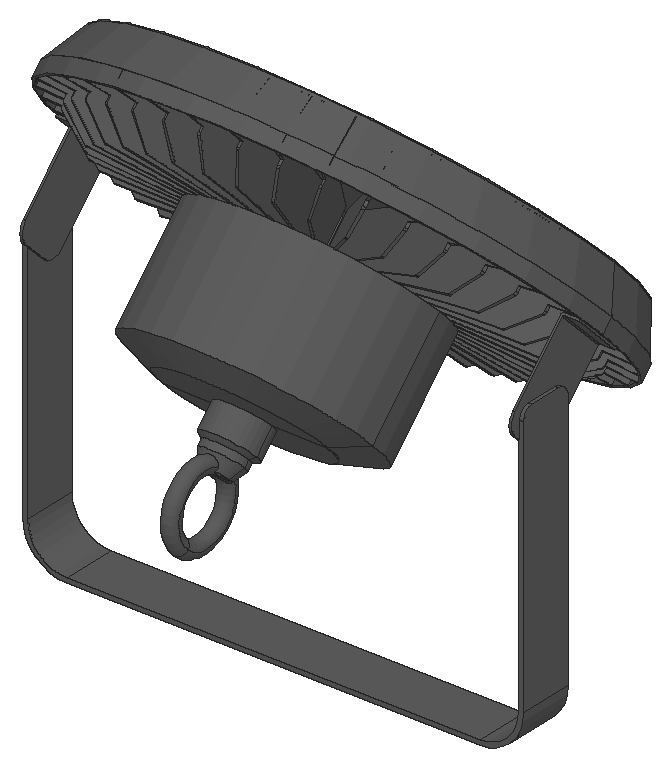
Revit family "0039349+0039355 Feilo Sylvania Lighting Fixture START HIGHBAY 4K 26KLM WIDE with BRACKET", category Lighting Fixtures, host Face, Revit 2017
Family settings
  Host = Face
  Round Connector Dimension = Use Diameter
  Part Type = Normal
  OmniClass Number = 23.80.70.00
  OmniClass Title = Lighting
  Cut with Voids When Loaded = No
  Light Source = No
  Shared = No
  Room Calculation Point = No
Parameters (values of type "0039349+0039355 START HIGHBAY 4K 26KLM WIDE with BRACKET     ")
  Weight = "3.7 kg"
  Wattage Comments = ""
  WarrantyStartDate [instance] = "n/a"
  WarrantyGuarantorParts = "n/a"
  WarrantyDurationUnit = "n/a"
  WarrantyDurationParts = "n/a"
  WarrantyDescription = "n/a"
  Voltage = 230 V
  URL = "http://www.sylvania-lighting.com"
  TypeName = "START HIGHBAY 4K 26KLM WIDE with BRACKET"
  TypeHead_FEILO = Start LED Highbay Head : 0039349+0039355 START HIGHBAY 4K 26KLM WIDE with BRACKET     
  Type Image = <None>
  Type Comments = "n/a"
  TiltAngle_FEILO [instance] = 45.00°
  ThicknessBracketPlate_FEILO = 3 mm
  SizeBracketS_FEILO = no
  SizeBracketM_FEILO = no
  SerialNumber [instance] = "n/a"
  RadiusBracketTop_FEILO = 7 mm
  RadiusBendOut_FEILO = if(SizeBracketS_FEILO, 18 mm, if(SizeBracketM_FEILO, 24 mm, 28 mm))  # 28 mm
  RadiusBendIn_FEILO = RadiusBendOut_FEILO - ThicknessBracketPlate_FEILO  # 25 mm
  Material_3_FEILO = none
  PowerFactor = 0.95
  PowerConsumption = "200 W"
  NominalLength = 339 mm
  NominalHeight = 194 mm
  NominalDepth = 339 mm
  Name = "START HIGHBAY 4K 26KLM WIDE with BRACKET"
  ModelReference = Name  # "START HIGHBAY 4K 26KLM WIDE with BRACKET"
  ModelNumber = "0039349+0039355"
  Model = Name  # "START HIGHBAY 4K 26KLM WIDE with BRACKET"
  Material = "aluminium alloy housing, polycarbonate diffuser"
  ManufacturerName = "Feilo Sylvania"
  Manufacturer = "Feilo Sylvania"
  LuminousEfficacy = "130 lm/W"
  LuminaireType = ""
  LightOutputRatio = "n/a"
  LampsType = Lamp  # "LED"
  LampNominalLuminous = "26000 lm"
  LampMacAdamStep = "n/a"
  LampColourTemperature = "4000 K"
  LampColourRenderingIndex = "80"
  Lamp = "LED"
  Keynote = "16500"
  InstallationDate [instance] = "n/a"
  InputVoltage = "220-240V~"
  InputNominalFrequency = "50/60 Hz"
  IngressProtection = "IP65"
  ImpactProtectionIndex = "IK08"
  IfcExportType = "IfcLightFixtureType"
  IfcExportAs = "IfcLightFixtureType"
  ExpectedLife = 50000
  EndAngle_FEILO [instance] = TiltAngle_FEILO + 180.00°  # 225.00°
  ElectricShockClassification = "Class I"
  DurationUnit = "hours"
  DocumentationLiterature = "http://www.sylvania-lighting.com/product/en-int/products/0039349"
  DimmingControlOptions = "n/a"
  Material_2_FEILO = none
  Description = "START HIGHBAY, includes 1 m cables, black aluminium housing, 26000LM, 200W, 130lm/W, 4000K, Driver current: 5000mA, CR80, 90° beam angle, 1-10V dimmable,  IP65, IK08, 50,000 hrs (L70B50), (LxWxH) 339x339x194mm"
  Default Elevation = 1219.2 mm
  CreatedOn = "2/28/2018"
  CreatedBy = ""
  Cost = 0
  built-in parameter 1114216 [instance] = (empty or 0)
  ClassificationValue = "EF_70_80"
  ClassificationName = "Uniclass2015"
  Material_1_FEILO = Body-Sylvania-StartHighbay-Black
  BracketHeight_FEILO = if(SizeBracketS_FEILO, 199.5 mm, if(SizeBracketM_FEILO, 209.6 mm, 201.3 mm))  # 201.3 mm
  BracketDistanceInner_FEILO = if(SizeBracketS_FEILO, 249.4 mm, if(SizeBracketM_FEILO, 273.6 mm, 313.2 mm))  # 313.2 mm
  BarCode [instance] = "n/a"
  AssetType = "Fixed"
  AssetIdentifier [instance] = "n/a"
  Assembly Code = "D5020200"
  Apparent Load = 200 VA
  Material_4_FEILO = none
Reference planes
  plane 1 "Center (Front/Back)": y = 0
  plane 2: z = 0
  plane 3 "Center (Left/Right)": x = 0
  plane 4: x = -159.6
  plane 5: x = 159.6
  plane 6: z = 201.3
  plane 7: x = -156.6
  plane 8: z = 3
  plane 9: x = 156.6
  plane 10: y = 17.5
  plane 11: y = -17.5
  plane 12: y = -19.5
  plane 13: z = 203.3
  plane 14: y = 19.5
  plane 15: z = 192.3
Forms (mm)
  Extrusion 1, solid, material "Body-Sylvania-StartHighbay-Black" <- "Material_1_FEILO"
    sketch origin (0, 0, 0) x (1, 0, 0) y (0, 0, 1)
      loop
        line (-159.6, 201.3) -> (-159.6, 28)
        arc (-159.6, 28) -> (-151.399, 8.201) -> (-131.6, 0) r 28
        line (-131.6, 0) -> (131.6, 0)
        arc (131.6, 0) -> (151.399, 8.201) -> (159.6, 28) r 28
        line (159.6, 28) -> (159.6, 201.3) -> (156.6, 201.3) -> (156.6, 28)
        arc (156.6, 28) -> (149.278, 10.322) -> (131.6, 3) r 25
        line (131.6, 3) -> (-131.6, 3)
        arc (-131.6, 3) -> (-149.278, 10.322) -> (-156.6, 28) r 25
        line (-156.6, 28) -> (-156.6, 201.3) -> (-159.6, 201.3)
    from -17.5 to 17.5
  Extrusion 2, void
    sketch origin (0, 0, 0) x (0, 1, 0) y (0, 0, 1)
      loop
        arc (10.5, 201.3) -> (15.45, 199.25) -> (17.5, 194.3) r 7
        line (17.5, 194.3) -> (19.5, 194.3) -> (19.5, 203.3) -> (-19.5, 203.3) -> (-19.5, 194.3) -> (-17.5, 194.3)
        arc (-17.5, 194.3) -> (-15.45, 199.25) -> (-10.5, 201.3) r 7
        line (-10.5, 201.3) -> (10.5, 201.3)
    from -159.6 to 159.6
  Revolve 3, solid, not visible
    sketch origin (1223.4, -4572, 192.3) x (0, -1, 0) y (1, 0, 0)
      loop
        line (-4572, -1223.4) -> (-4591.5, -1223.4) -> (-4591.5, -1277.783) -> (-4572, -1277.783) -> (-4572, -1223.4)
      axis (-4572, -1223.4) -> (-4572, -1277.783)
    angle from 45 <- "TiltAngle_FEILO" to 225 <- "EndAngle_FEILO"
Cuts and joins
  Extrusion 2 cuts Extrusion 1
Dimensions and locks
  "BracketHeight_FEILO": plane 6 to plane 2
  equal spacing: plane 11, plane 1 "Center (Front/Back)", plane 10
  locked: plane 11 to plane 10 at 35
  equal spacing: plane 9, plane 3 "Center (Left/Right)", plane 7
  "BracketDistanceInner_FEILO": plane 9 to plane 7
  "ThicknessBracketPlate_FEILO": plane 7 to plane 4
  "ThicknessBracketPlate_FEILO": plane 8 to plane 2
  equal spacing: plane 5, plane 3 "Center (Left/Right)", plane 4
  equal spacing: plane 12, plane 1 "Center (Front/Back)", plane 14
  locked: plane 6 to plane 13 at 2
  locked: plane 12 to plane 11 at 2
  locked: plane 6 to plane 15 at 9
  "RadiusBendOut_FEILO": radius of Extrusion 1 sketch curve  (x2)
  "RadiusBendIn_FEILO": radius of Extrusion 1 sketch curve  (x2)
  "RadiusBracketTop_FEILO": radius of Extrusion 2 sketch curve  (x2)
  aligned and locked: plane 2 to host face
  aligned and locked: level to host face
  aligned and locked: Extrusion 1 sketch curve to plane 4
  aligned and locked: Extrusion 1 sketch curve to level
  aligned and locked: plane 6 to Extrusion 1 sketch curve
  aligned and locked: Extrusion 1 sketch curve to plane 6
  aligned and locked: Extrusion 1 sketch curve to plane 7
  aligned and locked: plane 9 to Extrusion 1 sketch curve
  aligned and locked: plane 8 to Extrusion 1 sketch curve
  aligned and locked: Extrusion 1 to plane 10
  aligned and locked: plane 11 to Extrusion 1
  aligned and locked: Extrusion 1 to Extrusion 2 sketch curve
  aligned and locked: plane 14 to Extrusion 2 sketch curve  (x2)
  aligned and locked: Extrusion 2 sketch curve to plane 12
  aligned and locked: plane 13 to Extrusion 2 sketch curve
  aligned and locked: plane 5 to Extrusion 2
  aligned and locked: Extrusion 2 to plane 4
  aligned and locked: Revolve 3 sketch curve to plane 1 "Center (Front/Back)"
  aligned and locked: Revolve 3 sketch curve to Revolve 3 sketch curve
  aligned and locked: plane 3 "Center (Left/Right)" to Revolve 3 sketch curve
  aligned and locked: Revolve 3 sketch curve to plane 14
  aligned and locked: nested 1 to plane 3 "Center (Left/Right)"
Automatic sketch dimensions
  host sketch curve to host sketch curve = 2438.4 mm  (x2)
  Revolve 3 sketch curve to Revolve 3 sketch curve = 54.383 mm
  Revolve 3 sketch curve to plane 4 = 1396.3 mm
  plane 5 to Revolve 3 sketch curve = 1396.3 mm
  Extrusion 1 sketch curve to Extrusion 1 sketch curve = 0 mm
  Extrusion 2 sketch curve to plane 11 = 0 mm
  Extrusion 2 sketch curve to plane 10 = 0 mm
Nested families
  nested 1: "Start LED Highbay Head" at (0, 0, 192.3) x (-1, 0, 0) z (0, 0.7071, 0.7071), type <- "TypeHead_FEILO", type "0039349+0039355 START HIGHBAY 4K 26KLM WIDE with BRACKET     "
    with built-in parameter 1114216 (empty or 0)
Connectors
  electrical at (0, 0, 0), driven by "Apparent Load", driven by "PowerFactor", driven by "Voltage"
    settings: index 1, voltage 230 V, apparent load 200 VA, apparent load phase1 0 VA, apparent load phase2 0 VA, apparent load phase3 0 VA, power factor 0.95, load classification "Lighting", number of poles 1, system type 30, power factor state 1, is connector primary yes, connector utility no, sub classification motor no, connector description ""
Definition of nested family "Start LED Highbay Head"
  Parameters (values of type "0039351+0039354+0039358 START HIGHBAY 6K 19KLM WIDE with BRACKET and PC LAMPSHADE TRANSPARENT ")
    X_FEILO = if(SizeS_FEILO, 60.3 mm, if(SizeM_FEILO, 70.4 mm, 83.5 mm))  # 70.4 mm
    WidthStraight_FEILO = if(SizeS_FEILO, 3 mm, if(SizeM_FEILO, 4 mm, 4.7 mm))  # 4 mm
    WidthRingChamfer_FEILO = if(SizeS_FEILO, 10.3 mm, if(SizeM_FEILO, 11.2 mm, 12.9 mm))  # 11.2 mm
    WidthCurved_FEILO = if(SizeS_FEILO, 17.4 mm, if(SizeM_FEILO, 16.4 mm, 26.2 mm))  # 16.4 mm
    WidthCurvedRing_FEILO = if(SizeS_FEILO, 3 mm, if(SizeM_FEILO, 4 mm, 4.7 mm))  # 4 mm
    WidthBracket_FEILO = 40 mm
    Wattage Comments = ""
    Wattage = 150 W
    built-in parameter 1150110 = 1 (stored number, unit not read)
    URL = "http://www.feilosylvania.com"
    Type Image = (empty or 0)
    Type Comments = "n/a"
    built-in parameter 1114217 = 1 (stored number, unit not read)
    Tilt Angle = -90.00°
    ThicknessWall_FEILO = 1.5 mm
    ThicknessBracket_FEILO = 1.5 mm
    ThicknessBracketHalf_FEILO = ThicknessBracket_FEILO / 2  # 0.75 mm
    built-in parameter 1150109 = 1 (stored number, unit not read)
    built-in parameter 1150134 = 1
    built-in parameter 1150113 = 1 (stored number, unit not read)
    SizeS_FEILO = no
    SizeM_FEILO = yes
    ShadeThickness_FEILO = 3 mm
    ShadeSizeSM_FEILO = or(SizeS_FEILO, SizeM_FEILO)  # yes
    ShadeRadiusOut_FEILO = 205 mm
    ShadeRadiusIn_FEILO = if(ShadeSizeSM_FEILO, 95 mm, 121 mm)  # 95 mm
    ShadeRadiusBend_FEILO = if(ShadeSizeSM_FEILO, 210 mm, 210 mm)  # 210 mm
    ShadeOn_FEILO = yes
    ShadeHeight_FEILO = if(ShadeSizeSM_FEILO, 120 mm, 151 mm)  # 120 mm
    Rib4_FEILO = if(SizeS_FEILO, 18.1 mm, if(SizeM_FEILO, 13.6 mm, 14.6 mm))  # 13.6 mm
    Rib3_FEILO = if(SizeS_FEILO, 15.3 mm, if(SizeM_FEILO, 17.6 mm, 20.2 mm))  # 17.6 mm
    Rib2_FEILO = if(SizeS_FEILO, 3.6 mm, if(SizeM_FEILO, 3.9 mm, 4.5 mm))  # 3.9 mm
    Rib1_FEILO = if(SizeS_FEILO, 15.1 mm, if(SizeM_FEILO, 16.5 mm, 19 mm))  # 16.5 mm
    RadiusDiffuser_FEILO = if(SizeS_FEILO, 95.2 mm, if(SizeM_FEILO, 105.3 mm, 120 mm))  # 105.3 mm
    RadiusArrayPost_FEILO = DriverRadius_FEILO - 6 mm  # 61.2 mm
    RHRadius3_FEILO = if(SizeS_FEILO, 6.6 mm, if(SizeM_FEILO, 7.4 mm, 8.6 mm))  # 7.4 mm
    RHRadius2_FEILO = if(SizeS_FEILO, 11 mm, if(SizeM_FEILO, 12 mm, 14 mm))  # 12 mm
    RHRadius1_FEILO = if(SizeS_FEILO, 13.6 mm, if(SizeM_FEILO, 14.9 mm, 17.7 mm))  # 14.9 mm
    RHHeight4_FEILO = if(SizeS_FEILO, 7.3 mm, if(SizeM_FEILO, 8 mm, 9.2 mm))  # 8 mm
    RHHeight3_FEILO = if(SizeS_FEILO, 3.6 mm, if(SizeM_FEILO, 3.7 mm, 4.6 mm))  # 3.7 mm
    RHHeight2_FEILO = if(SizeS_FEILO, 2 mm, if(SizeM_FEILO, 2.2 mm, 2.6 mm))  # 2.2 mm
    RHHeight1_FEILO = if(SizeS_FEILO, 11.8 mm, if(SizeM_FEILO, 15.3 mm, 17.4 mm))  # 15.3 mm
    Photometric Web File = "0039351+0039358.ies"
    Material_5_FEILO = none
    Material_3_FEILO = none
    Model = "START HIGHBAY 6K 19KLM WIDE with BRACKET and PC LAMPSHADE TRANSPARENT"
    Manufacturer = "Feilo Sylvania"
    built-in parameter 1150105 = 10854.2 (stored number, unit not read)
    Lumens = 19500 lm
    built-in parameter 1150115 = 1 (stored number, unit not read)
    built-in parameter 1150137 = (empty or 0)
    built-in parameter 1150139 = (empty or 0)
    built-in parameter 1150112 = 1 (stored number, unit not read)
    built-in parameter 1150114 = 1 (stored number, unit not read)
    Lamp = "LED"
    Keynote = "16500"
    built-in parameter 1150132 = (empty or 0)
    built-in parameter 1150102 = (empty or 0)
    built-in parameter 1150107 = 6500 (stored number, unit not read)
    built-in parameter 1150138 = (empty or 0)
    built-in parameter 1150106 = 108.54 (stored number, unit not read)
    HeightRing_FEILO = if(SizeS_FEILO, 19.8 mm, if(SizeM_FEILO, 32 mm, 36.8 mm))  # 32 mm
    HeightRingChamfer_FEILO = if(SizeS_FEILO, 11.7 mm, if(SizeM_FEILO, 23.2 mm, 26.6 mm))  # 23.2 mm
    EyeThickness_FEILO = if(SizeS_FEILO, 8.4 mm, if(SizeM_FEILO, 9.2 mm, 10.5 mm))  # 9.2 mm
    EyeThicknessHalf_FEILO = EyeThickness_FEILO / 2  # 4.6 mm
    EyeInner_FEILO = if(SizeS_FEILO, 13.8 mm, if(SizeM_FEILO, 15.1 mm, 17.3 mm))  # 15.1 mm
    Emit from Circle Diameter = RadiusDiffuser_FEILO * 2  # 210.6 mm
    Emit Shape Visible in Rendering = no
    built-in parameter 1150104 = 12.077 (stored number, unit not read)
    DriverVerticalStraight_FEILO = if(SizeS_FEILO, 46.5 mm, if(SizeM_FEILO, 49.7 mm, 57 mm))  # 49.7 mm
    DriverVerticalChamfer_FEILO = if(SizeS_FEILO, 7.5 mm, if(SizeM_FEILO, 8.2 mm, 9.5 mm))  # 8.2 mm
    DriverRadius_FEILO = if(SizeS_FEILO, 61.4 mm, if(SizeM_FEILO, 67.2 mm, 76.4 mm))  # 67.2 mm
    DriverRadiusTop_FEILO = if(SizeS_FEILO, 42 mm, if(SizeM_FEILO, 45.3 mm, 52.4 mm))  # 45.3 mm
    DriverBottom_FEILO = if(SizeS_FEILO, 56 mm, if(SizeM_FEILO, 64.5 mm, 74 mm))  # 64.5 mm
    Material_2_FEILO = none
    Radius_FEILO = if(SizeS_FEILO, 135 mm, if(SizeM_FEILO, 148 mm, 169.5 mm))  # 148 mm
    Dimming Lamp Color Temperature Shift = (empty or 0)
    DiameterWire_FEILO = 3 mm
    DiameterWireSupport_FEILO = 10 mm
    Description = "START HIGHBAY, includes 1 m cables, black aluminium housing, 19500LM, 150W, 130lm/W, 6500K, Driver current: 2140mA, CR80, 60° beam angle, 1-10V dimmable,  IP65, IK08, 50,000 hrs (L70B50), (LxWxH) 296x296x177mm"
    Default Elevation = 1219.2 mm
    Cost = 0
    Color Filter = 16777215
    built-in parameter 1114216 [instance] = (empty or 0)
    Material_1_FEILO = none
    built-in parameter 1114218 = 1 (stored number, unit not read)
    built-in parameter 1150133 = 10 (stored number, unit not read)
    Assembly Code = "D5020200"
    Apparent Load = 150 VA
    Material_4_FEILO = none
  Types (36, lengths in mm): name | X_FEILO | WidthStraight_FEILO | WidthRingChamfer_FEILO | WidthCurved_FEILO | WidthCurvedRing_FEILO | Wattage | built-in parameter 1150134 | SizeS_FEILO | SizeM_FEILO | ShadeSizeSM_FEILO | ShadeRadiusIn_FEILO | ShadeOn_FEILO | ShadeHeight_FEILO | Rib4_FEILO | Rib3_FEILO | Rib2_FEILO | Rib1_FEILO | RadiusDiffuser_FEILO | RadiusArrayPost_FEILO | RHRadius3_FEILO | RHRadius2_FEILO | RHRadius1_FEILO | RHHeight4_FEILO | RHHeight3_FEILO | RHHeight2_FEILO | RHHeight1_FEILO | Photometric Web File | Model | built-in parameter 1150105 | Lumens | built-in parameter 1150107 | built-in parameter 1150106 | HeightRing_FEILO | HeightRingChamfer_FEILO | EyeThickness_FEILO | EyeThicknessHalf_FEILO | EyeInner_FEILO | Emit from Circle Diameter | DriverVerticalStraight_FEILO | DriverVerticalChamfer_FEILO | DriverRadius_FEILO | DriverRadiusTop_FEILO | DriverBottom_FEILO | Radius_FEILO | Description | Apparent Load
    0039352+0039355+0039361 START HIGHBAY 6K 26KLM WIDE with BRACKET and PC LAMPSHADE TRANSPARENT | 83.5 | 4.7 | 12.9 | 26.2 | 4.7 | 200 W | 1 | no | no | no | 121 | yes | 151 | 14.6 | 20.2 | 4.5 | 19 | 120 | 70.4 | 8.6 | 14 | 17.7 | 9.2 | 4.6 | 2.6 | 17.4 | "0039352+0039361.ies" | "START HIGHBAY 6K 26KLM WIDE with BRACKET and PC LAMPSHADE TRANSPARENT" | 17911 (stored number, unit not read) | 26000 lm | 6500 (stored number, unit not read) | 179.11 (stored number, unit not read) | 36.8 | 26.6 | 10.5 | 5.25 | 17.3 | 240 | 57 | 9.5 | 76.4 | 52.4 | 74 | 169.5 | "START HIGHBAY, includes 1 m cables, black aluminium housing, 26000LM, 200W, 130lm/W, 6500K, Driver current: 5000mA, CR80, 60° beam angle, 1-10V dimmable,  IP65, IK08, 50,000 hrs (L70B50), (LxWxH) 339x339x194mm" | 200 VA
    0039352+0039355+0039360 START HIGHBAY 6K 26KLM WIDE with BRACKET and ALU SHADE BLACK COLOR | 83.5 | 4.7 | 12.9 | 26.2 | 4.7 | 200 W | 1 | no | no | no | 121 | yes | 151 | 14.6 | 20.2 | 4.5 | 19 | 120 | 70.4 | 8.6 | 14 | 17.7 | 9.2 | 4.6 | 2.6 | 17.4 | "0039352+0039360.ies" | "START HIGHBAY 6K 26KLM WIDE with BRACKET and ALU SHADE BLACK COLOR" | 14870 (stored number, unit not read) | 26000 lm | 6500 (stored number, unit not read) | 148.7 (stored number, unit not read) | 36.8 | 26.6 | 10.5 | 5.25 | 17.3 | 240 | 57 | 9.5 | 76.4 | 52.4 | 74 | 169.5 | "START HIGHBAY, includes 1 m cables, black aluminium housing, 26000LM, 200W, 130lm/W, 6500K, Driver current: 5000mA, CR80, 60° beam angle, 1-10V dimmable,  IP65, IK08, 50,000 hrs (L70B50), (LxWxH) 339x339x194mm" | 200 VA
    0039352+0039355+0039359 START HIGHBAY 6K 26KLM WIDE with BRACKET and ALU SHADE ALU COLOR | 83.5 | 4.7 | 12.9 | 26.2 | 4.7 | 200 W | 1 | no | no | no | 121 | yes | 151 | 14.6 | 20.2 | 4.5 | 19 | 120 | 70.4 | 8.6 | 14 | 17.7 | 9.2 | 4.6 | 2.6 | 17.4 | "0039352+0039359.ies" | "START HIGHBAY 6K 26KLM WIDE with BRACKET and ALU SHADE ALU COLOR" | 14870 (stored number, unit not read) | 26000 lm | 6500 (stored number, unit not read) | 148.7 (stored number, unit not read) | 36.8 | 26.6 | 10.5 | 5.25 | 17.3 | 240 | 57 | 9.5 | 76.4 | 52.4 | 74 | 169.5 | "START HIGHBAY, includes 1 m cables, black aluminium housing, 26000LM, 200W, 130lm/W, 6500K, Driver current: 5000mA, CR80, 60° beam angle, 1-10V dimmable,  IP65, IK08, 50,000 hrs (L70B50), (LxWxH) 339x339x194mm" | 200 VA
    0039352+0039355 START HIGHBAY 6K 26KLM WIDE with BRACKET | 83.5 | 4.7 | 12.9 | 26.2 | 4.7 | 200 W | 1 | no | no | no | 121 | no | 151 | 14.6 | 20.2 | 4.5 | 19 | 120 | 70.4 | 8.6 | 14 | 17.7 | 9.2 | 4.6 | 2.6 | 17.4 | "0039352.ies" | "START HIGHBAY 6K 26KLM WIDE with BRACKET" | 13836.2 (stored number, unit not read) | 26000 lm | 6500 (stored number, unit not read) | 138.36 (stored number, unit not read) | 36.8 | 26.6 | 10.5 | 5.25 | 17.3 | 240 | 57 | 9.5 | 76.4 | 52.4 | 74 | 169.5 | "START HIGHBAY, includes 1 m cables, black aluminium housing, 26000LM, 200W, 130lm/W, 6500K, Driver current: 5000mA, CR80, 60° beam angle, 1-10V dimmable,  IP65, IK08, 50,000 hrs (L70B50), (LxWxH) 339x339x194mm" | 200 VA
    0039351+0039354+0039358 START HIGHBAY 6K 19KLM WIDE with BRACKET and PC LAMPSHADE TRANSPARENT | 70.4 | 4 | 11.2 | 16.4 | 4 | 150 W | 1 | no | yes | yes | 95 | yes | 120 | 13.6 | 17.6 | 3.9 | 16.5 | 105.3 | 61.2 | 7.4 | 12 | 14.9 | 8 | 3.7 | 2.2 | 15.3 | "0039351+0039358.ies" | "START HIGHBAY 6K 19KLM WIDE with BRACKET and PC LAMPSHADE TRANSPARENT" | 10854.2 (stored number, unit not read) | 19500 lm | 6500 (stored number, unit not read) | 108.54 (stored number, unit not read) | 32 | 23.2 | 9.2 | 4.6 | 15.1 | 210.6 | 49.7 | 8.2 | 67.2 | 45.3 | 64.5 | 148 | "START HIGHBAY, includes 1 m cables, black aluminium housing, 19500LM, 150W, 130lm/W, 6500K, Driver current: 2140mA, CR80, 60° beam angle, 1-10V dimmable,  IP65, IK08, 50,000 hrs (L70B50), (LxWxH) 296x296x177mm" | 150 VA
    0039351+0039354+0039357 START HIGHBAY 6K 19KLM WIDE with BRACKET and ALU SHADE BLACK COLOR | 70.4 | 4 | 11.2 | 16.4 | 4 | 150 W | 1 | no | yes | yes | 95 | yes | 120 | 13.6 | 17.6 | 3.9 | 16.5 | 105.3 | 61.2 | 7.4 | 12 | 14.9 | 8 | 3.7 | 2.2 | 15.3 | "0039351+0039357.ies" | "START HIGHBAY 6K 19KLM WIDE with BRACKET and ALU SHADE BLACK COLOR" | 11152.5 (stored number, unit not read) | 19500 lm | 6500 (stored number, unit not read) | 111.52 (stored number, unit not read) | 32 | 23.2 | 9.2 | 4.6 | 15.1 | 210.6 | 49.7 | 8.2 | 67.2 | 45.3 | 64.5 | 148 | "START HIGHBAY, includes 1 m cables, black aluminium housing, 19500LM, 150W, 130lm/W, 6500K, Driver current: 2140mA, CR80, 60° beam angle, 1-10V dimmable,  IP65, IK08, 50,000 hrs (L70B50), (LxWxH) 296x296x177mm" | 150 VA
    0039351+0039354+0039356 START HIGHBAY 6K 19KLM WIDE with BRACKET and ALU SHADE ALU COLOR | 70.4 | 4 | 11.2 | 16.4 | 4 | 150 W | 1 | no | yes | yes | 95 | yes | 120 | 13.6 | 17.6 | 3.9 | 16.5 | 105.3 | 61.2 | 7.4 | 12 | 14.9 | 8 | 3.7 | 2.2 | 15.3 | "0039351+0039356.ies" | "START HIGHBAY 6K 19KLM WIDE with BRACKET and ALU SHADE ALU COLOR" | 11152.5 (stored number, unit not read) | 19500 lm | 6500 (stored number, unit not read) | 111.52 (stored number, unit not read) | 32 | 23.2 | 9.2 | 4.6 | 15.1 | 210.6 | 49.7 | 8.2 | 67.2 | 45.3 | 64.5 | 148 | "START HIGHBAY, includes 1 m cables, black aluminium housing, 19500LM, 150W, 130lm/W, 6500K, Driver current: 2140mA, CR80, 60° beam angle, 1-10V dimmable,  IP65, IK08, 50,000 hrs (L70B50), (LxWxH) 296x296x177mm" | 150 VA
    0039351+0039354 START HIGHBAY 6K 19KLM WIDE with BRACKET | 70.4 | 4 | 11.2 | 16.4 | 4 | 150 W | 1 | no | yes | yes | 95 | no | 120 | 13.6 | 17.6 | 3.9 | 16.5 | 105.3 | 61.2 | 7.4 | 12 | 14.9 | 8 | 3.7 | 2.2 | 15.3 | "0039351.ies" | "START HIGHBAY 6K 19KLM WIDE with BRACKET" | 10377.1 (stored number, unit not read) | 19500 lm | 6500 (stored number, unit not read) | 103.77 (stored number, unit not read) | 32 | 23.2 | 9.2 | 4.6 | 15.1 | 210.6 | 49.7 | 8.2 | 67.2 | 45.3 | 64.5 | 148 | "START HIGHBAY, includes 1 m cables, black aluminium housing, 19500LM, 150W, 130lm/W, 6500K, Driver current: 2140mA, CR80, 60° beam angle, 1-10V dimmable,  IP65, IK08, 50,000 hrs (L70B50), (LxWxH) 296x296x177mm" | 150 VA
    0039350+0039353+0039358 START HIGHBAY 6K 13KLM WIDE with BRACKET and PC LAMPSHADE TRANSPARENT | 60.3 | 3 | 10.3 | 17.4 | 3 | 100 W | 1 | yes | no | yes | 95 | yes | 120 | 18.1 | 15.3 | 3.6 | 15.1 | 95.2 | 55.4 | 6.6 | 11 | 13.6 | 7.3 | 3.6 | 2 | 11.8 | "0039350+0039358.ies" | "START HIGHBAY 6K 13KLM WIDE with BRACKET and PC LAMPSHADE TRANSPARENT" | 7236.1 (stored number, unit not read) | 13000 lm | 6500 (stored number, unit not read) | 72.361 (stored number, unit not read) | 19.8 | 11.7 | 8.4 | 4.2 | 13.8 | 190.4 | 46.5 | 7.5 | 61.4 | 42 | 56 | 135 | "START HIGHBAY, includes 1 m cables, black aluminium housing, 13000LM, 100W, 130lm/W, 6500K, Driver current: 2140mA, CR80, 60° beam angle, 1-10V dimmable,  IP65, IK08, 50,000 hrs (L70B50), (LxWxH) 270x270x170mm" | 100 VA
    0039350+0039353+0039357 START HIGHBAY 6K 13KLM WIDE with BRACKET and ALU SHADE BLACK COLOR | 60.3 | 3 | 10.3 | 17.4 | 3 | 100 W | 1 | yes | no | yes | 95 | yes | 120 | 18.1 | 15.3 | 3.6 | 15.1 | 95.2 | 55.4 | 6.6 | 11 | 13.6 | 7.3 | 3.6 | 2 | 11.8 | "0039350+0039357.ies" | "START HIGHBAY 6K 13KLM WIDE with BRACKET and ALU SHADE BLACK COLOR" | 7435 (stored number, unit not read) | 13000 lm | 6500 (stored number, unit not read) | 74.35 (stored number, unit not read) | 19.8 | 11.7 | 8.4 | 4.2 | 13.8 | 190.4 | 46.5 | 7.5 | 61.4 | 42 | 56 | 135 | "START HIGHBAY, includes 1 m cables, black aluminium housing, 13000LM, 100W, 130lm/W, 6500K, Driver current: 2140mA, CR80, 60° beam angle, 1-10V dimmable,  IP65, IK08, 50,000 hrs (L70B50), (LxWxH) 270x270x170mm" | 100 VA
    0039350+0039353+0039356 START HIGHBAY 6K 13KLM WIDE with BRACKET and ALU SHADE ALU COLOR | 60.3 | 3 | 10.3 | 17.4 | 3 | 100 W | 1 | yes | no | yes | 95 | yes | 120 | 18.1 | 15.3 | 3.6 | 15.1 | 95.2 | 55.4 | 6.6 | 11 | 13.6 | 7.3 | 3.6 | 2 | 11.8 | "0039350+0039356.ies" | "START HIGHBAY 6K 13KLM WIDE with BRACKET and ALU SHADE ALU COLOR" | 7435 (stored number, unit not read) | 13000 lm | 6500 (stored number, unit not read) | 74.35 (stored number, unit not read) | 19.8 | 11.7 | 8.4 | 4.2 | 13.8 | 190.4 | 46.5 | 7.5 | 61.4 | 42 | 56 | 135 | "START HIGHBAY, includes 1 m cables, black aluminium housing, 13000LM, 100W, 130lm/W, 6500K, Driver current: 2140mA, CR80, 60° beam angle, 1-10V dimmable,  IP65, IK08, 50,000 hrs (L70B50), (LxWxH) 270x270x170mm" | 100 VA
    0039350+0039353 START HIGHBAY 6K 13KLM WIDE with BRACKET | 60.3 | 3 | 10.3 | 17.4 | 3 | 100 W | 1 | yes | no | yes | 95 | no | 120 | 18.1 | 15.3 | 3.6 | 15.1 | 95.2 | 55.4 | 6.6 | 11 | 13.6 | 7.3 | 3.6 | 2 | 11.8 | "0039350.ies" | "START HIGHBAY 6K 13KLM WIDE with BRACKET" | 6918.1 (stored number, unit not read) | 13000 lm | 6500 (stored number, unit not read) | 69.181 (stored number, unit not read) | 19.8 | 11.7 | 8.4 | 4.2 | 13.8 | 190.4 | 46.5 | 7.5 | 61.4 | 42 | 56 | 135 | "START HIGHBAY, includes 1 m cables, black aluminium housing, 13000LM, 100W, 130lm/W, 6500K, Driver current: 2140mA, CR80, 60° beam angle, 1-10V dimmable,  IP65, IK08, 50,000 hrs (L70B50), (LxWxH) 270x270x170mm" | 100 VA
    0039349+0039355+0039361 START HIGHBAY 4K 26KLM WIDE with BRACKET and PC LAMPSHADE TRANSPARENT FOR | 83.5 | 4.7 | 12.9 | 26.2 | 4.7 | 200 W | 12 | no | no | no | 121 | yes | 151 | 14.6 | 20.2 | 4.5 | 19 | 120 | 70.4 | 8.6 | 14 | 17.7 | 9.2 | 4.6 | 2.6 | 17.4 | "0039349+0039361.ies" | "START HIGHBAY 4K 26KLM WIDE with BRACKET and PC LAMPSHADE TRANSPARENT FOR" | 17911 (stored number, unit not read) | 26000 lm | 4000 (stored number, unit not read) | 179.11 (stored number, unit not read) | 36.8 | 26.6 | 10.5 | 5.25 | 17.3 | 240 | 57 | 9.5 | 76.4 | 52.4 | 74 | 169.5 | "START HIGHBAY, includes 1 m cables, black aluminium housing, 26000LM, 200W, 130lm/W, 4000K, Driver current: 5000mA, CR80, 90° beam angle, 1-10V dimmable,  IP65, IK08, 50,000 hrs (L70B50), (LxWxH) 339x339x194mm" | 200 VA
    0039349+0039355+0039360 START HIGHBAY 4K 26KLM WIDE with BRACKET and ALU SHADE BLACK COLOR | 83.5 | 4.7 | 12.9 | 26.2 | 4.7 | 200 W | 12 | no | no | no | 121 | yes | 151 | 14.6 | 20.2 | 4.5 | 19 | 120 | 70.4 | 8.6 | 14 | 17.7 | 9.2 | 4.6 | 2.6 | 17.4 | "0039349+0039360.ies" | "START HIGHBAY 4K 26KLM WIDE with BRACKET and ALU SHADE BLACK COLOR" | 14870 (stored number, unit not read) | 26000 lm | 4000 (stored number, unit not read) | 148.7 (stored number, unit not read) | 36.8 | 26.6 | 10.5 | 5.25 | 17.3 | 240 | 57 | 9.5 | 76.4 | 52.4 | 74 | 169.5 | "START HIGHBAY, includes 1 m cables, black aluminium housing, 26000LM, 200W, 130lm/W, 4000K, Driver current: 5000mA, CR80, 90° beam angle, 1-10V dimmable,  IP65, IK08, 50,000 hrs (L70B50), (LxWxH) 339x339x194mm" | 200 VA
    0039349+0039355+0039359 START HIGHBAY 4K 26KLM WIDE with BRACKET and ALU SHADE ALU COLOR | 83.5 | 4.7 | 12.9 | 26.2 | 4.7 | 200 W | 12 | no | no | no | 121 | yes | 151 | 14.6 | 20.2 | 4.5 | 19 | 120 | 70.4 | 8.6 | 14 | 17.7 | 9.2 | 4.6 | 2.6 | 17.4 | "0039349+0039359.ies" | "START HIGHBAY 4K 26KLM WIDE with BRACKET and ALU SHADE ALU COLOR" | 14870 (stored number, unit not read) | 26000 lm | 4000 (stored number, unit not read) | 148.7 (stored number, unit not read) | 36.8 | 26.6 | 10.5 | 5.25 | 17.3 | 240 | 57 | 9.5 | 76.4 | 52.4 | 74 | 169.5 | "START HIGHBAY, includes 1 m cables, black aluminium housing, 26000LM, 200W, 130lm/W, 4000K, Driver current: 5000mA, CR80, 90° beam angle, 1-10V dimmable,  IP65, IK08, 50,000 hrs (L70B50), (LxWxH) 339x339x194mm" | 200 VA
    0039349+0039355 START HIGHBAY 4K 26KLM WIDE with BRACKET | 83.5 | 4.7 | 12.9 | 26.2 | 4.7 | 200 W | 12 | no | no | no | 121 | no | 151 | 14.6 | 20.2 | 4.5 | 19 | 120 | 70.4 | 8.6 | 14 | 17.7 | 9.2 | 4.6 | 2.6 | 17.4 | "0039349.ies" | "START HIGHBAY 4K 26KLM WIDE with BRACKET" | 13836.2 (stored number, unit not read) | 26000 lm | 4000 (stored number, unit not read) | 138.36 (stored number, unit not read) | 36.8 | 26.6 | 10.5 | 5.25 | 17.3 | 240 | 57 | 9.5 | 76.4 | 52.4 | 74 | 169.5 | "START HIGHBAY, includes 1 m cables, black aluminium housing, 26000LM, 200W, 130lm/W, 4000K, Driver current: 5000mA, CR80, 90° beam angle, 1-10V dimmable,  IP65, IK08, 50,000 hrs (L70B50), (LxWxH) 339x339x194mm" | 200 VA
    0039348+0039354+0039358 START HIGHBAY 4K 19KLM WIDE with BRACKET and PC LAMPSHADE TRANSPARENT | 70.4 | 4 | 11.2 | 16.4 | 4 | 150 W | 12 | no | yes | yes | 95 | yes | 120 | 13.6 | 17.6 | 3.9 | 16.5 | 105.3 | 61.2 | 7.4 | 12 | 14.9 | 8 | 3.7 | 2.2 | 15.3 | "0039348+0039358.ies" | "START HIGHBAY 4K 19KLM WIDE with BRACKET and PC LAMPSHADE TRANSPARENT" | 10854.2 (stored number, unit not read) | 19500 lm | 4000 (stored number, unit not read) | 108.54 (stored number, unit not read) | 32 | 23.2 | 9.2 | 4.6 | 15.1 | 210.6 | 49.7 | 8.2 | 67.2 | 45.3 | 64.5 | 148 | "START HIGHBAY, includes 1 m cables, black aluminium housing, 19500LM, 150W, 130lm/W, 4000K, Driver current: 3210mA, CR80, 90° beam angle, 1-10V dimmable,  IP65, IK08, 50,000 hrs (L70B50), (LxWxH) 296x296x177mm" | 150 VA
    0039348+0039354+0039357 START HIGHBAY 4K 19KLM WIDE with BRACKET and ALU SHADE BLACK COLOR | 70.4 | 4 | 11.2 | 16.4 | 4 | 150 W | 12 | no | yes | yes | 95 | yes | 120 | 13.6 | 17.6 | 3.9 | 16.5 | 105.3 | 61.2 | 7.4 | 12 | 14.9 | 8 | 3.7 | 2.2 | 15.3 | "0039348+0039357.ies" | "START HIGHBAY 4K 19KLM WIDE with BRACKET and ALU SHADE BLACK COLOR" | 11152.5 (stored number, unit not read) | 19500 lm | 4000 (stored number, unit not read) | 111.52 (stored number, unit not read) | 32 | 23.2 | 9.2 | 4.6 | 15.1 | 210.6 | 49.7 | 8.2 | 67.2 | 45.3 | 64.5 | 148 | "START HIGHBAY, includes 1 m cables, black aluminium housing, 19500LM, 150W, 130lm/W, 4000K, Driver current: 3210mA, CR80, 90° beam angle, 1-10V dimmable,  IP65, IK08, 50,000 hrs (L70B50), (LxWxH) 296x296x177mm" | 150 VA
    0039348+0039354+0039356 START HIGHBAY 4K 19KLM WIDE with BRACKET and ALU SHADE ALU COLOR | 70.4 | 4 | 11.2 | 16.4 | 4 | 150 W | 12 | no | yes | yes | 95 | yes | 120 | 13.6 | 17.6 | 3.9 | 16.5 | 105.3 | 61.2 | 7.4 | 12 | 14.9 | 8 | 3.7 | 2.2 | 15.3 | "0039348+0039356.ies" | "START HIGHBAY 4K 19KLM WIDE with BRACKET and ALU SHADE ALU COLOR" | 11152.5 (stored number, unit not read) | 19500 lm | 4000 (stored number, unit not read) | 111.52 (stored number, unit not read) | 32 | 23.2 | 9.2 | 4.6 | 15.1 | 210.6 | 49.7 | 8.2 | 67.2 | 45.3 | 64.5 | 148 | "START HIGHBAY, includes 1 m cables, black aluminium housing, 19500LM, 150W, 130lm/W, 4000K, Driver current: 3210mA, CR80, 90° beam angle, 1-10V dimmable,  IP65, IK08, 50,000 hrs (L70B50), (LxWxH) 296x296x177mm" | 150 VA
    0039348+0039354 START HIGHBAY 4K 19KLM WIDE with BRACKET | 70.4 | 4 | 11.2 | 16.4 | 4 | 150 W | 12 | no | yes | yes | 95 | no | 120 | 13.6 | 17.6 | 3.9 | 16.5 | 105.3 | 61.2 | 7.4 | 12 | 14.9 | 8 | 3.7 | 2.2 | 15.3 | "0039348.ies" | "START HIGHBAY 4K 19KLM WIDE with BRACKET" | 10377.1 (stored number, unit not read) | 19500 lm | 4000 (stored number, unit not read) | 103.77 (stored number, unit not read) | 32 | 23.2 | 9.2 | 4.6 | 15.1 | 210.6 | 49.7 | 8.2 | 67.2 | 45.3 | 64.5 | 148 | "START HIGHBAY, includes 1 m cables, black aluminium housing, 19500LM, 150W, 130lm/W, 4000K, Driver current: 3210mA, CR80, 90° beam angle, 1-10V dimmable,  IP65, IK08, 50,000 hrs (L70B50), (LxWxH) 296x296x177mm" | 150 VA
    0039347+0039353+0039358 START HIGHBAY 4K 13KLM WIDE with BRACKET and PC LAMPSHADE TRANSPARENT | 60.3 | 3 | 10.3 | 17.4 | 3 | 100 W | 12 | yes | no | yes | 95 | yes | 120 | 18.1 | 15.3 | 3.6 | 15.1 | 95.2 | 55.4 | 6.6 | 11 | 13.6 | 7.3 | 3.6 | 2 | 11.8 | "0039347+0039358.ies" | "START HIGHBAY 4K 13KLM WIDE with BRACKET and PC LAMPSHADE TRANSPARENT" | 7236.1 (stored number, unit not read) | 13000 lm | 4000 (stored number, unit not read) | 72.361 (stored number, unit not read) | 19.8 | 11.7 | 8.4 | 4.2 | 13.8 | 190.4 | 46.5 | 7.5 | 61.4 | 42 | 56 | 135 | "START HIGHBAY, includes 1 m cables, black aluminium housing, 13000LM, 100W, 130lm/W, 4000K, Driver current: 2140mA, CR80, 90° beam angle, 1-10V dimmable,  IP65, IK08, 50,000 hrs (L70B50), (LxWxH) 270x270x170mm" | 100 VA
    0039347+0039353+0039357 START HIGHBAY 4K 13KLM WIDE with BRACKET and ALU SHADE BLACK COLOR | 60.3 | 3 | 10.3 | 17.4 | 3 | 100 W | 12 | yes | no | yes | 95 | yes | 120 | 18.1 | 15.3 | 3.6 | 15.1 | 95.2 | 55.4 | 6.6 | 11 | 13.6 | 7.3 | 3.6 | 2 | 11.8 | "0039347+0039357.ies" | "START HIGHBAY 4K 13KLM WIDE with BRACKET and ALU SHADE BLACK COLOR" | 7435 (stored number, unit not read) | 13000 lm | 4000 (stored number, unit not read) | 74.35 (stored number, unit not read) | 19.8 | 11.7 | 8.4 | 4.2 | 13.8 | 190.4 | 46.5 | 7.5 | 61.4 | 42 | 56 | 135 | "START HIGHBAY, includes 1 m cables, black aluminium housing, 13000LM, 100W, 130lm/W, 4000K, Driver current: 2140mA, CR80, 90° beam angle, 1-10V dimmable,  IP65, IK08, 50,000 hrs (L70B50), (LxWxH) 270x270x170mm" | 100 VA
    0039347+0039353+0039356 START HIGHBAY 4K 13KLM WIDE with BRACKET and ALU SHADE ALU COLOR | 60.3 | 3 | 10.3 | 17.4 | 3 | 100 W | 12 | yes | no | yes | 95 | yes | 120 | 18.1 | 15.3 | 3.6 | 15.1 | 95.2 | 55.4 | 6.6 | 11 | 13.6 | 7.3 | 3.6 | 2 | 11.8 | "0039347+0039356.ies" | "START HIGHBAY 4K 13KLM WIDE with BRACKET and ALU SHADE ALU COLOR" | 7435 (stored number, unit not read) | 13000 lm | 4000 (stored number, unit not read) | 74.35 (stored number, unit not read) | 19.8 | 11.7 | 8.4 | 4.2 | 13.8 | 190.4 | 46.5 | 7.5 | 61.4 | 42 | 56 | 135 | "START HIGHBAY, includes 1 m cables, black aluminium housing, 13000LM, 100W, 130lm/W, 4000K, Driver current: 2140mA, CR80, 90° beam angle, 1-10V dimmable,  IP65, IK08, 50,000 hrs (L70B50), (LxWxH) 270x270x170mm" | 100 VA
    0039347+0039353 START HIGHBAY 4K 13KLM WIDE with BRACKET | 60.3 | 3 | 10.3 | 17.4 | 3 | 100 W | 12 | yes | no | yes | 95 | no | 120 | 18.1 | 15.3 | 3.6 | 15.1 | 95.2 | 55.4 | 6.6 | 11 | 13.6 | 7.3 | 3.6 | 2 | 11.8 | "0039347.ies" | "START HIGHBAY 4K 13KLM WIDE with BRACKET" | 6918.1 (stored number, unit not read) | 13000 lm | 4000 (stored number, unit not read) | 69.181 (stored number, unit not read) | 19.8 | 11.7 | 8.4 | 4.2 | 13.8 | 190.4 | 46.5 | 7.5 | 61.4 | 42 | 56 | 135 | "START HIGHBAY, includes 1 m cables, black aluminium housing, 13000LM, 100W, 130lm/W, 4000K, Driver current: 2140mA, CR80, 90° beam angle, 1-10V dimmable,  IP65, IK08, 50,000 hrs (L70B50), (LxWxH) 270x270x170mm" | 100 VA
    0039346+0039355+0039361 START HIGHBAY 4K 26KLM MEDIUM with BRACKET and PC LAMPSHADE TRANSPARENT | 83.5 | 4.7 | 12.9 | 26.2 | 4.7 | 200 W | 12 | no | no | no | 121 | yes | 151 | 14.6 | 20.2 | 4.5 | 19 | 120 | 70.4 | 8.6 | 14 | 17.7 | 9.2 | 4.6 | 2.6 | 17.4 | "0039346+0039361.ies" | "START HIGHBAY 4K 26KLM MEDIUM with BRACKET and PC LAMPSHADE TRANSPARENT" | 35142.4 (stored number, unit not read) | 26000 lm | 4000 (stored number, unit not read) | 351.42 (stored number, unit not read) | 36.8 | 26.6 | 10.5 | 5.25 | 17.3 | 240 | 57 | 9.5 | 76.4 | 52.4 | 74 | 169.5 | "START HIGHBAY, includes 1 m cables, black aluminium housing, 26000LM, 200W, 130lm/W, 4000K, Driver current: 5000mA, CR80, 60° beam angle, 1-10V dimmable,  IP65, IK08, 50,000 hrs (L70B50), (LxWxH) 339x339x194mm" | 200 VA
    0039346+0039355+0039360 START HIGHBAY 4K 26KLM MEDIUM with BRACKET and ALU SHADE BLACK COLOR | 83.5 | 4.7 | 12.9 | 26.2 | 4.7 | 200 W | 12 | no | no | no | 121 | yes | 151 | 14.6 | 20.2 | 4.5 | 19 | 120 | 70.4 | 8.6 | 14 | 17.7 | 9.2 | 4.6 | 2.6 | 17.4 | "0039346+0039360.ies" | "START HIGHBAY 4K 26KLM MEDIUM with BRACKET and ALU SHADE BLACK COLOR" | 35336 (stored number, unit not read) | 26000 lm | 4000 (stored number, unit not read) | 353.36 (stored number, unit not read) | 36.8 | 26.6 | 10.5 | 5.25 | 17.3 | 240 | 57 | 9.5 | 76.4 | 52.4 | 74 | 169.5 | "START HIGHBAY, includes 1 m cables, black aluminium housing, 26000LM, 200W, 130lm/W, 4000K, Driver current: 5000mA, CR80, 60° beam angle, 1-10V dimmable,  IP65, IK08, 50,000 hrs (L70B50), (LxWxH) 339x339x194mm" | 200 VA
    0039346+0039355+0039359 START HIGHBAY 4K 26KLM MEDIUM with BRACKET and ALU SHADE ALU COLOR | 83.5 | 4.7 | 12.9 | 26.2 | 4.7 | 200 W | 12 | no | no | no | 121 | yes | 151 | 14.6 | 20.2 | 4.5 | 19 | 120 | 70.4 | 8.6 | 14 | 17.7 | 9.2 | 4.6 | 2.6 | 17.4 | "0039346+0039359.ies" | "START HIGHBAY 4K 26KLM MEDIUM with BRACKET and ALU SHADE ALU COLOR" | 35336 (stored number, unit not read) | 26000 lm | 4000 (stored number, unit not read) | 353.36 (stored number, unit not read) | 36.8 | 26.6 | 10.5 | 5.25 | 17.3 | 240 | 57 | 9.5 | 76.4 | 52.4 | 74 | 169.5 | "START HIGHBAY, includes 1 m cables, black aluminium housing, 26000LM, 200W, 130lm/W, 4000K, Driver current: 5000mA, CR80, 60° beam angle, 1-10V dimmable,  IP65, IK08, 50,000 hrs (L70B50), (LxWxH) 339x339x194mm" | 200 VA
    0039346+0039355 START HIGHBAY 4K 26KLM MEDIUM with BRACKET | 83.5 | 4.7 | 12.9 | 26.2 | 4.7 | 200 W | 12 | no | no | no | 121 | no | 151 | 14.6 | 20.2 | 4.5 | 19 | 120 | 70.4 | 8.6 | 14 | 17.7 | 9.2 | 4.6 | 2.6 | 17.4 | "0039346.ies" | "START HIGHBAY 4K 26KLM MEDIUM with BRACKET" | 32161 (stored number, unit not read) | 26000 lm | 4000 (stored number, unit not read) | 321.61 (stored number, unit not read) | 36.8 | 26.6 | 10.5 | 5.25 | 17.3 | 240 | 57 | 9.5 | 76.4 | 52.4 | 74 | 169.5 | "START HIGHBAY, includes 1 m cables, black aluminium housing, 26000LM, 200W, 130lm/W, 4000K, Driver current: 5000mA, CR80, 60° beam angle, 1-10V dimmable,  IP65, IK08, 50,000 hrs (L70B50), (LxWxH) 339x339x194mm" | 200 VA
    0039345+0039354+0039358 START HIGHBAY 4K 19KLM MEDIUM with BRACKET and PC LAMPSHADE TRANSPARENT | 70.4 | 4 | 11.2 | 16.4 | 4 | 150 W | 12 | no | yes | yes | 95 | yes | 120 | 13.6 | 17.6 | 3.9 | 16.5 | 105.3 | 61.2 | 7.4 | 12 | 14.9 | 8 | 3.7 | 2.2 | 15.3 | "0039345+0039358.ies" | "START HIGHBAY 4K 19KLM MEDIUM with BRACKET and PC LAMPSHADE TRANSPARENT" | 24535.9 (stored number, unit not read) | 19500 lm | 4000 (stored number, unit not read) | 245.36 (stored number, unit not read) | 32 | 23.2 | 9.2 | 4.6 | 15.1 | 210.6 | 49.7 | 8.2 | 67.2 | 45.3 | 64.5 | 148 | "START HIGHBAY, includes 1 m cables, black aluminium housing, 19500LM, 150W, 130lm/W, 4000K, Driver current: 3210mA, CR80, 60° beam angle, 1-10V dimmable,  IP65, IK08, 50,000 hrs (L70B50), (LxWxH) 296x296x177mm" | 150 VA
    0039345+0039354+0039357 START HIGHBAY 4K 19KLM MEDIUM with BRACKET and ALU SHADE BLACK COLOR | 70.4 | 4 | 11.2 | 16.4 | 4 | 150 W | 12 | no | yes | yes | 95 | yes | 120 | 13.6 | 17.6 | 3.9 | 16.5 | 105.3 | 61.2 | 7.4 | 12 | 14.9 | 8 | 3.7 | 2.2 | 15.3 | "0039345+0039357.ies" | "START HIGHBAY 4K 19KLM MEDIUM with BRACKET and ALU SHADE BLACK COLOR" | 26502 (stored number, unit not read) | 19500 lm | 4000 (stored number, unit not read) | 265.02 (stored number, unit not read) | 32 | 23.2 | 9.2 | 4.6 | 15.1 | 210.6 | 49.7 | 8.2 | 67.2 | 45.3 | 64.5 | 148 | "START HIGHBAY, includes 1 m cables, black aluminium housing, 19500LM, 150W, 130lm/W, 4000K, Driver current: 3210mA, CR80, 60° beam angle, 1-10V dimmable,  IP65, IK08, 50,000 hrs (L70B50), (LxWxH) 296x296x177mm" | 150 VA
    0039345+0039354+0039356 START HIGHBAY 4K 19KLM MEDIUM with BRACKET and ALU SHADE ALU COLOR | 70.4 | 4 | 11.2 | 16.4 | 4 | 150 W | 12 | no | yes | yes | 95 | yes | 120 | 13.6 | 17.6 | 3.9 | 16.5 | 105.3 | 61.2 | 7.4 | 12 | 14.9 | 8 | 3.7 | 2.2 | 15.3 | "0039345+0039356.ies" | "START HIGHBAY 4K 19KLM MEDIUM with BRACKET and ALU SHADE ALU COLOR" | 26502 (stored number, unit not read) | 19500 lm | 4000 (stored number, unit not read) | 265.02 (stored number, unit not read) | 32 | 23.2 | 9.2 | 4.6 | 15.1 | 210.6 | 49.7 | 8.2 | 67.2 | 45.3 | 64.5 | 148 | "START HIGHBAY, includes 1 m cables, black aluminium housing, 19500LM, 150W, 130lm/W, 4000K, Driver current: 3210mA, CR80, 60° beam angle, 1-10V dimmable,  IP65, IK08, 50,000 hrs (L70B50), (LxWxH) 296x296x177mm" | 150 VA
    0039345+0039354 START HIGHBAY 4K 19KLM MEDIUM with BRACKET | 70.4 | 4 | 11.2 | 16.4 | 4 | 150 W | 12 | no | yes | yes | 95 | no | 120 | 13.6 | 17.6 | 3.9 | 16.5 | 105.3 | 61.2 | 7.4 | 12 | 14.9 | 8 | 3.7 | 2.2 | 15.3 | "0039345.ies" | "START HIGHBAY 4K 19KLM MEDIUM with BRACKET" | 24120.8 (stored number, unit not read) | 19500 lm | 4000 (stored number, unit not read) | 241.21 (stored number, unit not read) | 32 | 23.2 | 9.2 | 4.6 | 15.1 | 210.6 | 49.7 | 8.2 | 67.2 | 45.3 | 64.5 | 148 | "START HIGHBAY, includes 1 m cables, black aluminium housing, 19500LM, 150W, 130lm/W, 4000K, Driver current: 3210mA, CR80, 60° beam angle, 1-10V dimmable,  IP65, IK08, 50,000 hrs (L70B50), (LxWxH) 296x296x177mm" | 150 VA
    0039344+0039353+0039358 START HIGHBAY 4K 13KLM MEDIUM with BRACKET and PC LAMPSHADE TRANSPARENT | 60.3 | 3 | 10.3 | 17.4 | 3 | 100 W | 12 | yes | no | yes | 95 | yes | 120 | 18.1 | 15.3 | 3.6 | 15.1 | 95.2 | 55.4 | 6.6 | 11 | 13.6 | 7.3 | 3.6 | 2 | 11.8 | "0039344+0039358.ies" | "START HIGHBAY 4K 13KLM MEDIUM with BRACKET and PC LAMPSHADE TRANSPARENT" | 17571.2 (stored number, unit not read) | 13000 lm | 4000 (stored number, unit not read) | 175.71 (stored number, unit not read) | 19.8 | 11.7 | 8.4 | 4.2 | 13.8 | 190.4 | 46.5 | 7.5 | 61.4 | 42 | 56 | 135 | "START HIGHBAY, includes 1 m cables, black aluminium housing, 13000LM, 100W, 130lm/W, 4000K, Driver current: 2140mA, CR80, 60° beam angle, 1-10V dimmable,  IP65, IK08, 50,000 hrs (L70B50), (LxWxH) 270x270x170mm" | 100 VA
    0039344+0039353+0039357 START HIGHBAY 4K 13KLM MEDIUM with BRACKET and ALU SHADE BLACK COLOR | 60.3 | 3 | 10.3 | 17.4 | 3 | 100 W | 12 | yes | no | yes | 95 | yes | 120 | 18.1 | 15.3 | 3.6 | 15.1 | 95.2 | 55.4 | 6.6 | 11 | 13.6 | 7.3 | 3.6 | 2 | 11.8 | "0039344+0039357.ies" | "START HIGHBAY 4K 13KLM MEDIUM with BRACKET and ALU SHADE BLACK COLOR" | 17668 (stored number, unit not read) | 13000 lm | 4000 (stored number, unit not read) | 176.68 (stored number, unit not read) | 19.8 | 11.7 | 8.4 | 4.2 | 13.8 | 190.4 | 46.5 | 7.5 | 61.4 | 42 | 56 | 135 | "START HIGHBAY, includes 1 m cables, black aluminium housing, 13000LM, 100W, 130lm/W, 4000K, Driver current: 2140mA, CR80, 60° beam angle, 1-10V dimmable,  IP65, IK08, 50,000 hrs (L70B50), (LxWxH) 270x270x170mm" | 100 VA
    0039344+0039353+0039356 START HIGHBAY 4K 13KLM MEDIUM with BRACKET and ALU SHADE ALU COLOR | 60.3 | 3 | 10.3 | 17.4 | 3 | 100 W | 12 | yes | no | yes | 95 | yes | 120 | 18.1 | 15.3 | 3.6 | 15.1 | 95.2 | 55.4 | 6.6 | 11 | 13.6 | 7.3 | 3.6 | 2 | 11.8 | "0039344+0039356.ies" | "START HIGHBAY 4K 13KLM MEDIUM with BRACKET and ALU SHADE ALU COLOR" | 17668 (stored number, unit not read) | 13000 lm | 4000 (stored number, unit not read) | 176.68 (stored number, unit not read) | 19.8 | 11.7 | 8.4 | 4.2 | 13.8 | 190.4 | 46.5 | 7.5 | 61.4 | 42 | 56 | 135 | "START HIGHBAY, includes 1 m cables, black aluminium housing, 13000LM, 100W, 130lm/W, 4000K, Driver current: 2140mA, CR80, 60° beam angle, 1-10V dimmable,  IP65, IK08, 50,000 hrs (L70B50), (LxWxH) 270x270x170mm" | 100 VA
    0039344+0039353 START HIGHBAY 4K 13KLM MEDIUM with BRACKET | 60.3 | 3 | 10.3 | 17.4 | 3 | 100 W | 12 | yes | no | yes | 95 | no | 120 | 18.1 | 15.3 | 3.6 | 15.1 | 95.2 | 55.4 | 6.6 | 11 | 13.6 | 7.3 | 3.6 | 2 | 11.8 | "0039344.ies" | "START HIGHBAY 4K 13KLM MEDIUM with BRACKET" | 16080.5 (stored number, unit not read) | 13000 lm | 4000 (stored number, unit not read) | 160.81 (stored number, unit not read) | 19.8 | 11.7 | 8.4 | 4.2 | 13.8 | 190.4 | 46.5 | 7.5 | 61.4 | 42 | 56 | 135 | "START HIGHBAY, includes 1 m cables, black aluminium housing, 13000LM, 100W, 130lm/W, 4000K, Driver current: 2140mA, CR80, 60° beam angle, 1-10V dimmable,  IP65, IK08, 50,000 hrs (L70B50), (LxWxH) 270x270x170mm" | 100 VA
  Reference planes
    plane 1 "Center (Front/Back)": y = 0
    plane 2: z = 0
    plane 3 "Center (Left/Right)": x = 0
    plane 4: z = 70.4
    plane 5: x = -148
    plane 6: x = -136.8
    plane 7: z = 47.2
    plane 8: z = 38.4
    plane 9: x = -132.8
    plane 10: z = 67.775
    plane 11: x = -116.4
    plane 12: x = -105.3
    plane 13: x = -128.8
    plane 14: z = 68.775
    plane 15: z = 66.775
    plane 16: x = -102.3
    plane 17: z = 65.775
    plane 18: x = -146.5
    plane 19: x = -131.5
    plane 20: z = 34.5
    plane 21: x = -113.9
    plane 22: z = 20.9
    plane 23: x = -20
    plane 24: z = 5.9
    plane 25: x = -67.2
    plane 26: z = -43.8
    plane 27: x = -45.3
    plane 28: z = -52
    plane 29: x = -14.9
    plane 30: z = -67.3
    plane 31: z = -69.5
    plane 32: x = -12
    plane 33: z = -73.2
    plane 34: z = -81.2
    plane 35: x = -7.4
    plane 36: z = -96.3
    plane 37: z = -111.4
    plane 38: x = 4.6
    plane 39: x = -4.6
    plane 40: z = -120.6
    plane 41: z = -116
    plane 42: x = -141.65
    plane 43: x = -145.5
    plane 44: z = 36.9
    plane 45: x = -135.3
    plane 46: z = -18.95
    plane 47: y = -20
    plane 48: y = 20
    plane 49: x = 148
    plane 50: x = 136.8
    plane 51: x = 146.5
    plane 52: x = 141.65
    plane 53: x = 145.5
    plane 54: x = 135.3
    plane 55: x = -205
    plane 56: z = 190.4
    plane 57: x = -95
    plane 58: x = -87
    plane 59: x = -202
    plane 60: z = 73.4
  Forms (mm)
    Extrusion 1, solid
      sketch origin (4.2, 0, 0) x (1, 0, 0) y (0, 1, 0)
        loop
          line (-1219.2, 1219.2) -> (-1219.2, -1219.2) -> (1219.2, -1219.2) -> (1219.2, 1219.2) -> (-1219.2, 1219.2)
      from 0 to -68.017
    Revolve 2, solid, material <- "Material_1_FEILO", detail levels medium+fine
      sketch origin (0, 0, 0) x (1, 0, 0) y (0, 0, 1)
        loop
          line (-148, 38.4) -> (-146.5, 38.4) -> (-146.5, 46.857) -> (-136.402, 67.775) -> (-128.8, 67.775) -> (-128.8, 69.259)
          arc (-128.8, 69.259) -> (-130.811, 69.79) -> (-132.8, 70.4) r 52.543
          line (-132.8, 70.4) -> (-136.341, 70.4)
          arc (-136.341, 70.4) -> (-136.831, 70.225) -> (-137.099, 69.78) r 0.774
          line (-137.099, 69.78) -> (-148, 47.2) -> (-148, 38.4)
        axis (0, 70.4) -> (0, 38.4)
      angle from 360 to 0
    Revolve 3, solid, material <- "Material_1_FEILO", detail levels medium+fine
      sketch origin (0, 0, 0) x (1, 0, 0) y (0, 0, 1)
        loop
          line (-116.4, 65.775) -> (-105.3, 65.775) -> (-105.3, 47.2) -> (0, 47.2) -> (0, 65.775) -> (-102.3, 65.775) -> (-102.3, 66.775) -> (-105.3, 66.775) -> (-105.3, 67.775) -> (-116.4, 67.775) -> (-116.4, 65.775)
        axis (0, 67.775) -> (0, 47.2)
      angle from 360 to 0
    Revolve 4, solid, material <- "Material_2_FEILO", detail levels medium+fine
      sketch origin (0, 0, 0) x (1, 0, 0) y (0, 0, 1)
        loop
          line (-105.3, 66.775) -> (0, 66.775) -> (0, 68.775) -> (-105.3, 68.775) -> (-105.3, 66.775)
        axis (0, 68.775) -> (0, 66.775)
      angle from 360 to 0
    Revolve 5, solid, material <- "Material_1_FEILO"
      sketch origin (0, 0, 0) x (1, 0, 0) y (0, 0, 1)
        loop
          line (-67.2, 20.9) -> (-67.2, -43.8) -> (-45.3, -52) -> (-14.9, -52) -> (-14.9, -67.3) -> (-12, -69.5) -> (-12, -73.2) -> (-7.837, -80.474)
          arc (-7.837, -80.474) -> (-7.29, -81.006) -> (-6.553, -81.2) r 1.5
          line (-6.553, -81.2) -> (0, -81.2) -> (0, 20.9) -> (-67.2, 20.9)
        axis (0, 20.9) -> (0, -81.2)
      angle from 360 to 0
    Revolve 6, solid, material <- "Material_1_FEILO"
      sketch origin (0, 0, 0) x (1, 0, 0) y (0, 0, 1)
        loop
          circle (0, -116) r 4.6
        axis (4.6, -96.3) -> (-4.6, -96.3)
      angle from 360 to 0
    Extrusion 7, solid, material <- "Material_1_FEILO"
      sketch origin (0, 0, 0) x (1, 0, 0) y (0, 0, 1)
        loop
          line (-145.5, 38.4) -> (-145.5, 36.9) -> (-137.55, 36.9)
          arc (-137.55, 36.9) -> (-137.02, 36.68) -> (-136.8, 36.15) r 0.75
          line (-136.8, 36.15) -> (-136.8, -18.95) -> (-135.3, -18.95) -> (-135.3, 36.9)
          arc (-135.3, 36.9) -> (-135.739, 37.961) -> (-136.8, 38.4) r 1.5
          line (-136.8, 38.4) -> (-145.5, 38.4)
        loop
          line (145.5, 38.4) -> (136.8, 38.4)
          arc (136.8, 38.4) -> (135.739, 37.961) -> (135.3, 36.9) r 1.5
          line (135.3, 36.9) -> (135.3, -18.95) -> (136.8, -18.95) -> (136.8, 36.15)
          arc (136.8, 36.15) -> (137.02, 36.68) -> (137.55, 36.9) r 0.75
          line (137.55, 36.9) -> (145.5, 36.9) -> (145.5, 38.4)
      from -20 to 20
    Extrusion 8, void
      sketch origin (0, 0, 0) x (0, 1, 0) y (0, 0, 1)
        loop
          arc (-10, -18.95) -> (-17.071, -16.021) -> (-20, -8.95) r 10
          line (-20, -8.95) -> (-25, -8.95) -> (-25, -23.95) -> (-10, -23.95) -> (-10, -18.95)
        loop
          line (10, -18.95) -> (10, -23.95) -> (25, -23.95) -> (25, -8.95) -> (20, -8.95)
          arc (20, -8.95) -> (17.071, -16.021) -> (10, -18.95) r 10
      from -136.8 to 136.8
    Revolve 9, solid, material <- "Material_1_FEILO", detail levels coarse
      sketch origin (0, 0, 0) x (1, 0, 0) y (0, 0, 1)
        loop
          line (0, 70.4) -> (-136.8, 70.4) -> (-148, 47.2) -> (-148, 38.4) -> (-131.5, 38.4) -> (-131.5, 34.5) -> (-113.9, 20.9) -> (0, 20.9) -> (0, 70.4)
        axis (0, 70.4) -> (0, 20.9)
      angle from 360 to 0
    Revolve 10, solid, material <- "Material_4_FEILO", visible <- "ShadeOn_FEILO"
      sketch origin (0, 0, 0) x (1, 0, 0) y (0, 0, 1)
        loop
          line (-95, 70.4) -> (-87, 70.4) -> (-87, 73.4) -> (-94.341, 73.4)
          arc (-94.341, 73.4) -> (-159.747, 121.18) -> (-201.81, 190.4) r 207
          line (-201.81, 190.4) -> (-205, 190.4)
          arc (-205, 190.4) -> (-162.101, 119.308) -> (-95, 70.4) r 210
        axis (0, 190.4) -> (0, 70.4)
      angle from 360 to 0
  Cuts and joins
    Extrusion 8 cuts Extrusion 7
  Lines and regions (mm)
    reference lines
      curve 1: line (-148, 0, 47.2) -> (-136.8, 0, 70.4)
      curve 2: line (-116.4, 0, 67.775) -> (0, 0, 67.775)
      curve 3: arc (-116.4, 0, 67.775) -> (-124.704, 0, 68.435) -> (-132.8, 0, 70.4) r 52.543
      curve 4: line (-136.8, 0, 70.4) -> (-132.8, 0, 70.4)
      curve 5: line (-136.402, 0, 67.775) -> (-146.5, 0, 46.857)
      curve 6: line (-131.5, 0, 34.5) -> (-113.9, 0, 20.9)
      curve 7: line (-12, 0, -73.2) -> (-7.4, 0, -81.2)
      curve 8: circle (0, 0, -116) r 4.6 normal (0, -1, 0)
      curve 9: arc (-95, 0, 70.4) -> (-162.101, 0, 119.308) -> (-205, 0, 190.4) r 210
  Dimensions and locks
    "Radius_FEILO": plane 3 "Center (Left/Right)" to plane 5
    "WidthRingChamfer_FEILO": plane 6 to plane 5
    "WidthStraight_FEILO": plane 9 to plane 6
    "WidthCurvedRing_FEILO": plane 13 to plane 9
    locked: plane 10 to plane 15 at 1
    locked: plane 14 to plane 10 at 1
    locked: plane 4 to plane 10 at 2.625
    locked: plane 15 to plane 17 at 1
    "ThicknessWall_FEILO": plane 18 to plane 5
    "ThicknessWall_FEILO": curve 5 to curve 1
    "HeightRingChamfer_FEILO": plane 4 to plane 7
    "HeightRing_FEILO": plane 4 to plane 8
    "RadiusDiffuser_FEILO": plane 3 "Center (Left/Right)" to plane 12
    locked: plane 16 to plane 12 at 3
    "WidthCurved_FEILO": plane 11 to plane 9
    "X_FEILO": plane 4 to plane 2
    "Rib1_FEILO": plane 19 to plane 5
    "Rib2_FEILO": plane 8 to plane 20
    "Rib3_FEILO": plane 21 to plane 19
    "Rib4_FEILO": plane 20 to plane 22
    locked: plane 3 "Center (Left/Right)" to plane 23 at 20
    "DriverBottom_FEILO": plane 4 to plane 24
    "DriverRadius_FEILO": plane 3 "Center (Left/Right)" to plane 25
    "DriverVerticalStraight_FEILO": plane 24 to plane 26
    "DriverRadiusTop_FEILO": plane 3 "Center (Left/Right)" to plane 27
    "DriverVerticalChamfer_FEILO": plane 26 to plane 28
    "RHRadius1_FEILO": plane 3 "Center (Left/Right)" to plane 29
    "RHHeight2_FEILO": plane 30 to plane 31
    "RHRadius2_FEILO": plane 3 "Center (Left/Right)" to plane 32
    "RHHeight3_FEILO": plane 31 to plane 33
    "RHHeight4_FEILO": plane 33 to plane 34
    "RHRadius3_FEILO": plane 3 "Center (Left/Right)" to plane 35
    "RHHeight1_FEILO": plane 28 to plane 30
    "EyeInner_FEILO": plane 34 to plane 36
